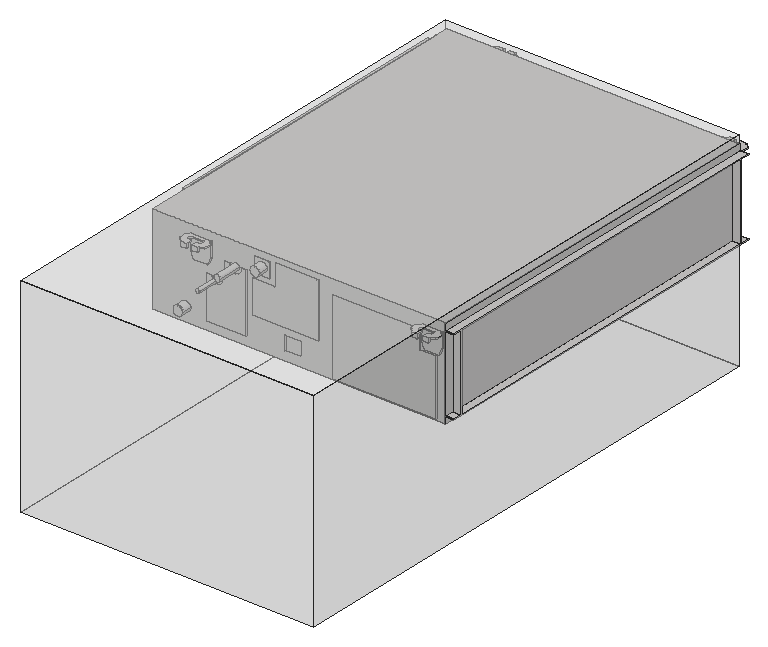
Revit family "outputfile", category 機械設備, Revit 2024
Family settings
  丸型コネクタ寸法 = 半径を使用
  パーツ タイプ = 標準
  OmniClass 番号 = 23.75.10.24.21.27.27
  OmniClass タイトル = Split System Air Conditioning Units
  作業面ベース = いいえ
  常に垂直 = はい
  ロード時にボイドで切り取り = いいえ
  注釈の向きを維持 = いいえ
  共有 = いいえ
  部屋計算ポイント = はい
Parameters (values of type "FBA60BVMA9")
  製造元 = "Daikin"
  書き出し IFC クラス(タイプ) = "IfcUnitaryEquipmentType"
  定義済み IFC タイプ(タイプ) = "AIRCONDITIONINGUNIT"
  モデル = "FBA60BVMA9"
  switch_frequency = yes
  r_Liquid Pipe Size = Liquid Pipe Size / 2  # 4.75 mm
  r_Gas Pipe Size = Gas Pipe Size / 2  # 7.95 mm
  r_Drain Pipe Size = Drain Pipe Size / 2  # 12.5 mm
  lw_power = 770.0 mm  # constant formula
  lh_SA = 138.0 mm  # constant formula
  lw_SA = if(Width = 550.0 mm, 225.0 mm, if(Width = 700.0 mm, 300.0 mm, if(Width = 1000.0 mm, 450.0 mm, if(Width = 1400.0 mm, 650.0 mm, 725.0 mm))))  # 450.0 mm
  lw_RA = if(Width = 550.0 mm, 275.0 mm, if(Width = 700.0 mm, 349.0 mm, if(Width = 1000.0 mm, 499.0 mm, if(Width = 1400.0 mm, 699.0 mm, 775.0 mm))))  # 499.0 mm
  lh_power = 60.0 mm + [h***]  # 60.0 mm
  lh_mountinghole1 = lh_mountinghole + [h***]  # 222.0 mm
  lh_RA = 123.0 mm  # constant formula
  ld_power = Width / 2  # 500.0 mm
  connector_voltage = Voltage_50Hz  # 230 V
  connector_powerinput = [Power Input (Cooling)]  # 1.640 kW
  connector_phase = Phase_50Hz  # 1
  Voltage_comment_60Hz = "220-230"
  Voltage_comment_50Hz = "220-240"
  Voltage_60Hz = 220 V
  Voltage_50Hz = 230 V
  Total Heating Capacity [instance] = 0.000 kW
  Supply Air Direction [instance] = yes
  Power Input (Heating) = 1.810 kW
  Phase_60Hz = 1
  Phase_50Hz = 1
  Nominal Heating Capacity = 7.100 kW
  Minimum External Static Pressure = 50.00 Pa
  Maximum External Static Pressure = 150.00 Pa
  Material_Casing = DAIKIN_GalvanizedSteel_Casing_indoorunit
  lw_mountinghole = 630.0 mm  # constant formula
  lh_gaspipe = 183.0 mm + [h***]  # 183.0 mm
  lh_mountinghole = 222.0 mm  # constant formula
  lh_liquidpipe = 136.0 mm + [h***]  # 136.0 mm
  lh_drainpipe = 207.0 mm + [h***]  # 207.0 mm
  lh_antena = Height - lh_mountinghole + 1.0 mm  # 24.0 mm
  ld_drainpipe = Width / 2 + 26.0 mm  # 526.0 mm
  ld_liquidpipe = Width / 2 + 69.0 mm  # 569.0 mm
  ld_gaspipe = Width / 2 + 65.0 mm  # 565.0 mm
  ld_mountinghole = Width + 38.0 mm  # 1038.0 mm
  h*** = 0.0 mm  # constant formula
  lw_liquidpipe = 179.0 mm  # constant formula
  lw_gaspipe = 229.0 mm  # constant formula
  lw_drainpipe = 300.0 mm  # constant formula
  Width = 1000.0 mm
  Version = "ver.1.0"
  Unit Type = "Duct"
  Unit Mass Weight = 37.00 kg
  Unit Designation [instance] = ""
  Uniclass2015Version = "Products v1.30"
  Uniclass2015Title = "Split coil room air conditioning units"
  Uniclass2015Code = "Pr_70_65_03_86"
  Total Cooling Capacity [instance] = 0.000 kW
  Sound Pressure Level_M speed (dBA) = 33
  Sound Pressure Level_L speed (dBA) = 31
  Sound Pressure Level_H speed (dBA) = 35
  Series = "SkyAir_Fan Coil Unit"
  Sensible Cooling Capacity [instance] = 0.000 kW
  SA Duct Size Width = 792.0 mm
  SA Duct Size Height = 176.0 mm
  Refrigerant Type = "R32"
  RA Duct Size Width = 952.0 mm
  RA Duct Size Height = 208.0 mm
  Power Input (Cooling) = 1.640 kW
  Option Accessory 3 [instance] = ""
  Option Accessory 2 [instance] = ""
  Option Accessory 1 [instance] = ""
  Nominal Cooling Capacity = 6.000 kW
  Minimum Airflow = 750.00 m³/h
  Median Airflow = 900.00 m³/h
  Maximum Airflow = 1080.00 m³/h
  Load Classification = HVAC
  Liquid Pipe Size = 9.5 mm
  Link_Nested Family [instance] = ""
  IfcVersion = ""
  IfcExportType = "AIRCONDITIONINGUNIT"
  IfcExportAs = "IfcUnitaryEquipmentType"
  Height = 245.0 mm
  Heating Entering Wet Bulb Temperature [instance] = -273.15 °C
  Heating Entering Dry Bulb Temperature [instance] = -273.15 °C
  Heating Ambient Wet Bulb Temperature [instance] = -273.15 °C
  Heating Ambient Dry Bulb Temperature [instance] = -273.15 °C
  Heat Exchanger Type = "Cross Fin Coil"
  Gas Pipe Size = 15.9 mm
  Frequency_60Hz = 60 Hz
  Frequency_50Hz = 50 Hz
  Fan Type = "Sirocco Fan"
  Fan Drive = "Direct Drive"
  FCU Tag No. [instance] = ""
  Drain Pipe Size = 25.0 mm
  Design Supply Airflow [instance] = 0.00 m³/h
  Design Return Airflow [instance] = 0.00 m³/h
  Design External Static Pressure [instance] = 0.00 Pa
  Depth = 800.0 mm
  既定の高さ = 0.0 mm
  Cooling Entering Wet Bulb Temperature [instance] = 0.00 °C
  Cooling Entering Dry Bulb Temperature [instance] = 0.00 °C
  Cooling Ambient Wet Bulb Temperature [instance] = 0.00 °C
  Cooling Ambient Dry Bulb Temperature [instance] = 0.00 °C
  Clearance visibility [instance] = yes
  Clearance Top = 20.0 mm
  Clearance Right = 0.0 mm
  Clearance Rear = 0.0 mm
  Clearance Left = 0.0 mm
  Clearance Front = 450.0 mm
  Clearance Bottom = 300.0 mm
Reference planes
  plane 1 "Center (Front/Back)": y = 0
  plane 2 "h": z = 0
  plane 3 "Center (Left/Right)": x = 0
  plane 4 "Back": y = 500
  plane 5 "Front": y = -500
  plane 6 "Left": x = -400
  plane 7 "Right": x = 400
  plane 8 "Top": z = 0
  plane 9 "Bottom": z = -245
  plane 10: y = -215
  plane 11: y = 500
  plane 12: y = -950
  plane 13: x = -400
  plane 14: x = 400
  plane 15: z = 20
  plane 16: z = -545
  plane 17: x = -400
  plane 18: x = -399
  plane 19: x = 399
  plane 20: y = 50
  plane 21: y = -1
  plane 22: z = -122
  plane 23: y = -501
  plane 24: z = -109
  plane 25: x = -221
  plane 26: y = -565
  plane 27: z = -62
  plane 28: x = -171
  plane 29: y = -526
  plane 30: z = -38
  plane 31: x = -100
  plane 32: x = -100
  plane 33: x = -221
  plane 34: x = -171
  plane 35: x = 370
  plane 36: x = -266
  plane 37: x = 364
  plane 38: y = -519
  plane 39: y = 519
  plane 40: z = -23
  plane 41: z = -107
  plane 42: y = -569
  plane 43: z = -207
  plane 44: x = -309
  plane 45: y = -376
  plane 46: x = -251
  plane 47: x = -203
  plane 48: x = -144
  plane 49: z = -59
  plane 50: z = -106
  plane 51: z = -221
  plane 52: z = -109
  plane 53: x = -221
  plane 54: z = -62
  plane 55: x = -171
  plane 56: z = -17
  plane 57: z = -59
  plane 58: x = -121
  plane 59: x = -79
  plane 60: x = -125
  plane 61: x = -64
  plane 62: x = 53
  plane 63: z = -164
  plane 64: z = -73
  plane 65: z = -16
  plane 66: x = 93.5
  plane 67: x = 374.5
  plane 68: x = 330
  plane 69: z = -88.5
  plane 70: z = -38
  plane 71: z = -242.5
  plane 72: x = -38.5
  plane 73: x = 6.5
  plane 74: z = -181
  plane 75: z = -221
  plane 76: y = -499
  plane 77: x = -424
  plane 78: x = 424
Forms (mm)
  Extrusion 1, solid, material "DAIKIN_GalvanizedSteel_Casing_indoorunit" <- "Material_Casing"
    sketch origin (0, 0, 0) x (1, 0, 0) y (0, 1, 0)
      loop
        line (-399, 500) -> (-399, -500) -> (399, -500) -> (399, 500) -> (-399, 500)
    from -245 to 0
  Extrusion 2, solid, material "DAIKIN_GalvanizedSteel_Casing_indoorunit" <- "Material_Casing"
    sketch origin (0, 0, 0) x (1, 0, 0) y (0, 0, 1)
      loop
        line (-251, -221) -> (-144, -221) -> (-144, -59) -> (-154.47, -59)
        arc (-154.47, -59) -> (-171, -78.8) -> (-187.53, -59) r 16.8
        line (-187.53, -59) -> (-203, -59) -> (-203, -106) -> (-206.916, -106)
        arc (-206.916, -106) -> (-221, -123.4) -> (-235.084, -106) r 14.4
        line (-235.084, -106) -> (-251, -106) -> (-251, -221)
    from 500 to 501
  Extrusion 3, solid, material "DAIKIN_GalvanizedSteel_Casing_indoorunit" <- "Material_Casing"
    sketch origin (0, 0, 0) x (1, 0, 0) y (0, 0, 1)
      loop
        line (-121, -17) -> (-121, -59) -> (-79, -59) -> (-79, -17) -> (-121, -17)
      loop
        line (-125, -73) -> (-125, -164) -> (53, -164) -> (53, -16) -> (-64, -16) -> (-64, -73) -> (-125, -73)
    from 500 to 501
  Extrusion 4, solid, material "DAIKIN_GalvanizedSteel_Casing_indoorunit" <- "Material_Casing"
    sketch origin (0, 0, 0) x (1, 0, 0) y (0, 0, 1)
      loop
        line (93.5, -38) -> (93.5, -242.5) -> (374.5, -242.5) -> (374.5, -88.5) -> (330, -88.5) -> (330, -38) -> (93.5, -38)
    from 500 to 501
  Extrusion 5, solid, material "DAIKIN_GalvanizedSteel_Casing_indoorunit" <- "Material_Casing"
    sketch origin (0, 0, 0) x (1, 0, 0) y (0, 0, 1)
      loop
        circle (-221, -109) r 4.75
    from 500 to 569
  Extrusion 6, solid, material "DAIKIN_GalvanizedSteel_Casing_indoorunit" <- "Material_Casing"
    sketch origin (0, 0, 0) x (1, 0, 0) y (0, 0, 1)
      loop
        circle (-171, -62) r 7.95
    from 500 to 565
  Extrusion 7, solid, material "DAIKIN_GalvanizedSteel_Casing_indoorunit" <- "Material_Casing"
    sketch origin (0, 0, 0) x (1, 0, 0) y (0, 0, 1)
      loop
        circle (-100, -38) r 12.5
    from 501 to 526
  Extrusion 8, solid, material "DAIKIN_GalvanizedSteel_Casing_indoorunit" <- "Material_Casing"
    sketch origin (0, 0, 0) x (1, 0, 0) y (0, 0, 1)
      loop
        circle (-309, -207) r 13
    from 500 to 526
  Extrusion 9, void
    sketch origin (0, 0, 0) x (1, 0, 0) y (0, 0, 1)
      loop
        line (-38.5, -181) -> (-38.5, -221) -> (6.5, -221) -> (6.5, -181) -> (-38.5, -181)
    from 499 to 500
Cuts and joins
  Extrusion 9 cuts Extrusion 1
Dimensions and locks
  "Height": plane 8 "Top" to plane 9 "Bottom"
  equal spacing: plane 4 "Back", plane 1 "Center (Front/Back)", plane 5 "Front"
  "Width": plane 4 "Back" to plane 5 "Front"
  equal spacing: plane 6 "Left", plane 3 "Center (Left/Right)", plane 7 "Right"
  "Depth": plane 6 "Left" to plane 7 "Right"
  "Clearance Left": plane 13 to plane 6 "Left"
  "Clearance Right": plane 7 "Right" to plane 14
  "Clearance Rear": plane 11 to plane 4 "Back"
  "Clearance Front": plane 5 "Front" to plane 12
  "Clearance Top": plane 15 to plane 8 "Top"
  "Clearance Bottom": plane 9 "Bottom" to plane 16
  locked: plane 17 to plane 18 at 1
  locked: plane 19 to plane 14 at 1
  "lw_SA": plane 11 to plane 20
  "lw_RA": plane 21 to plane 5 "Front"
  "lh_RA": plane 22 to plane 9 "Bottom"
  locked: plane 5 "Front" to plane 23 at 1
  "lw_liquidpipe": plane 25 to plane 6 "Left"
  "lh_liquidpipe": plane 24 to plane 9 "Bottom"
  "lh_gaspipe": plane 27 to plane 9 "Bottom"
  "lw_gaspipe": plane 28 to plane 6 "Left"
  "ld_gaspipe": plane 26 to plane 1 "Center (Front/Back)"
  "ld_drainpipe": plane 29 to plane 1 "Center (Front/Back)"
  "lh_drainpipe": plane 30 to plane 9 "Bottom"
  "lw_drainpipe": plane 31 to plane 6 "Left"
  "lw_drainpipe": plane 6 "Left" to plane 32
  "lw_liquidpipe": plane 6 "Left" to plane 33
  "lw_gaspipe": plane 6 "Left" to plane 34
  "lw_power": plane 6 "Left" to plane 35
  locked: plane 17 to plane 36 at 134
  "lw_mountinghole": plane 36 to plane 37
  equal spacing: plane 38, plane 1 "Center (Front/Back)", plane 39
  "ld_mountinghole": plane 39 to plane 38
  "lh_mountinghole": plane 40 to plane 9 "Bottom"
  "lh_SA": plane 41 to plane 9 "Bottom"
  locked: plane 44 to plane 6 "Left" at 91
  locked: plane 43 to plane 9 "Bottom" at 38
  plane 48 to plane 47 to plane 46 to plane 6 "Left" = 59.0 mm, 48.0 mm, 149.0 mm
  plane 8 "Top" to plane 49 to plane 50 to plane 51 = 59.0 mm locked, 47.0 mm locked, 115.0 mm locked
  plane 55 to plane 53 to plane 6 "Left" = 50.0 mm locked, 179.0 mm locked
  plane 54 to plane 52 to plane 9 "Bottom" = 47.0 mm locked, 136.0 mm locked
  plane 59 to plane 58 to plane 6 "Left" = 42.0 mm locked, 279.0 mm locked
  plane 8 "Top" to plane 56 to plane 57 = 17.0 mm locked, 42.0 mm locked
  plane 62 to plane 61 to plane 60 to plane 6 "Left" = 117.0 mm, 61.0 mm, 275.0 mm
  plane 8 "Top" to plane 65 to plane 64 = 16.0 mm locked, 57.0 mm locked
  locked: plane 65 to plane 63 at 148
  plane 8 "Top" to plane 70 to plane 69 to plane 71 = 38.0 mm locked, 50.5 mm locked, 154.0 mm locked
  plane 67 to plane 68 to plane 66 to plane 6 "Left" = 44.5 mm locked, 236.5 mm locked, 493.5 mm locked
  plane 8 "Top" to plane 74 to plane 75 = 181.0 mm locked, 40.0 mm locked
  plane 73 to plane 72 to plane 6 "Left" = 45.0 mm, 361.5 mm
  locked: plane 76 to plane 5 "Front" at 1
  locked: plane 77 to plane 17 at 24
  locked: plane 14 to plane 78 at 24
  "ld_liquidpipe": plane 42 to plane 1 "Center (Front/Back)"
  "r_Liquid Pipe Size": radius of Extrusion 5 sketch curve
  "r_Gas Pipe Size": radius of Extrusion 6 sketch curve
  "r_Drain Pipe Size": radius of Extrusion 7 sketch curve
  aligned and locked: level to plane 2 "h"
  aligned and locked: plane 8 "Top" to Extrusion 1
  aligned and locked: Extrusion 1 to plane 9 "Bottom"
  aligned and locked: nested 5 to plane 12
  aligned and locked: plane 13 to nested 5
  aligned and locked: plane 14 to nested 5
  aligned and locked: nested 5 to plane 13
  aligned and locked: plane 11 to nested 5
  aligned and locked: plane 15 to nested 5
  aligned and locked: plane 16 to nested 5
  aligned and locked: plane 5 "Front" to Extrusion 1 sketch curve
  aligned and locked: Extrusion 1 to plane 18
  aligned and locked: plane 19 to Extrusion 1
  aligned and locked: nested 7 to plane 18
  aligned and locked: nested 7 to plane 20
  aligned and locked: plane 19 to nested 8
  aligned and locked: plane 21 to nested 8
  aligned and locked: plane 22 to nested 8
  aligned and locked: Extrusion 2 to plane 23
  aligned and locked: plane 5 "Front" to Extrusion 2
  aligned and locked: Extrusion 3 to plane 23
  aligned and locked: plane 5 "Front" to Extrusion 3
  aligned and locked: plane 5 "Front" to Extrusion 4
  aligned and locked: Extrusion 5 sketch curve to plane 25
  aligned and locked: plane 24 to Extrusion 5 sketch curve
  aligned and locked: plane 5 "Front" to Extrusion 5
  aligned and locked: Extrusion 6 sketch curve to plane 28
  aligned and locked: plane 27 to Extrusion 6 sketch curve
  aligned and locked: plane 5 "Front" to Extrusion 6
  aligned and locked: Extrusion 7 sketch curve to plane 31
  aligned and locked: Extrusion 7 sketch curve to plane 30
  aligned and locked: Extrusion 7 to plane 29
  aligned and locked: plane 23 to Extrusion 7
  aligned and locked: nested 3 to plane 29
  aligned and locked: plane 32 to nested 3
  aligned and locked: nested 2 to plane 33
  aligned and locked: nested 1 to plane 34
  aligned and locked: Extrusion 6 to plane 26
  aligned and locked: nested 1 to plane 26
  aligned and locked: nested 6 to plane 5 "Front"
  aligned and locked: nested 6 to plane 35
  aligned and locked: plane 36 to nested 10
  aligned and locked: nested 10 to plane 5 "Front"
  aligned and locked: plane 37 to nested 9
  aligned and locked: nested 9 to plane 5 "Front"
  aligned and locked: nested 11 to plane 36
  aligned and locked: plane 4 "Back" to nested 11
  aligned and locked: nested 12 to plane 37
  aligned and locked: plane 4 "Back" to nested 12
  aligned and locked: plane 40 to nested 10
  aligned and locked: plane 40 to nested 11
  aligned and locked: plane 40 to nested 9
  aligned and locked: plane 40 to nested 12
  aligned and locked: plane 36 to nested 14
  aligned and locked: nested 14 to plane 39
  aligned and locked: plane 37 to nested 13
  aligned and locked: nested 13 to plane 39
  aligned and locked: plane 37 to nested 16
  aligned and locked: plane 38 to nested 16
  aligned and locked: plane 38 to nested 15
  aligned and locked: plane 36 to nested 15
  aligned and locked: plane 17 to plane 6 "Left"
  aligned and locked: plane 41 to nested 7
  aligned and locked: Extrusion 5 to plane 42
  aligned and locked: nested 2 to plane 42
  aligned and locked: Extrusion 8 sketch curve to plane 44
  aligned and locked: plane 43 to Extrusion 8 sketch curve
  aligned and locked: plane 5 "Front" to Extrusion 8
  aligned and locked: Extrusion 3 sketch curve to plane 56
  aligned and locked: Extrusion 3 sketch curve to plane 58
  aligned and locked: plane 57 to Extrusion 3 sketch curve
  aligned and locked: plane 59 to Extrusion 3 sketch curve
  aligned and locked: Extrusion 4 to plane 23
  aligned and locked: Extrusion 9 sketch curve to plane 74
  aligned and locked: plane 75 to Extrusion 9 sketch curve
  aligned and locked: plane 73 to Extrusion 9 sketch curve
  aligned and locked: plane 5 "Front" to Extrusion 9
  aligned and locked: plane 76 to Extrusion 9
  aligned and locked: nested 17 to plane 20
  aligned and locked: nested 17 to plane 77
  aligned and locked: plane 21 to nested 18
  aligned and locked: plane 78 to nested 18
  aligned and locked: plane 41 to nested 17
  aligned and locked: nested 18 to plane 22
  aligned and locked: nested 4 to plane 3 "Center (Left/Right)"
  aligned and locked: plane 1 "Center (Front/Back)" to nested 4
  aligned and locked: level to plane 8 "Top"
  aligned and locked: Extrusion 8 to plane 29
Automatic sketch dimensions
  plane 6 "Left" to Extrusion 1 sketch curve = 1.0 mm
  Extrusion 1 sketch curve to plane 7 "Right" = 1.0 mm
  Extrusion 1 sketch curve to plane 4 "Back" = 0.0 mm
  Extrusion 2 sketch curve to plane 46 = 0.0 mm
  Extrusion 2 sketch curve to plane 33 = 0.0 mm
  Extrusion 2 sketch curve to plane 47 = 0.0 mm
  Extrusion 2 sketch curve to plane 34 = 0.0 mm
  Extrusion 2 sketch curve to plane 48 = 0.0 mm
  Extrusion 2 sketch curve to plane 51 = 0.0 mm
  Extrusion 2 sketch curve to plane 52 = 0.0 mm
  Extrusion 2 sketch curve to plane 50 = 0.0 mm  (x3)
  Extrusion 2 sketch curve to plane 54 = 0.0 mm
  Extrusion 2 sketch curve to plane 49 = 0.0 mm  (x3)
  plane 33 to Extrusion 2 sketch curve = 14.084 mm
  plane 34 to Extrusion 2 sketch curve = 16.53 mm
  Extrusion 3 sketch curve to plane 60 = 0.0 mm
  Extrusion 3 sketch curve to plane 61 = 0.0 mm
  Extrusion 3 sketch curve to plane 62 = 0.0 mm
  Extrusion 3 sketch curve to plane 63 = 0.0 mm
  Extrusion 3 sketch curve to plane 64 = 0.0 mm
  Extrusion 3 sketch curve to plane 65 = 0.0 mm
  Extrusion 4 sketch curve to plane 66 = 0.0 mm
  Extrusion 4 sketch curve to plane 68 = 0.0 mm
  Extrusion 4 sketch curve to plane 67 = 0.0 mm
  Extrusion 4 sketch curve to plane 71 = 0.0 mm
  Extrusion 4 sketch curve to plane 69 = 0.0 mm
  Extrusion 4 sketch curve to plane 70 = 0.0 mm
  Extrusion 9 sketch curve to plane 72 = 0.0 mm
  radius of Extrusion 8 sketch curve = 13.0 mm
Nested families
  nested 1: "daikin_connector_rotate2" at (-171, 0, -62), length <- "ld_gaspipe", built-in parameter 1001364 <- "lh_gaspipe", radius <- "r_Gas Pipe Size", type "daikin_connector_rotate2"
    with radius 7.95 mm, length 565.0 mm, angle_vertical 90.00°
  nested 2: "daikin_connector_rotate2" at (-221, 0, -109), length <- "ld_liquidpipe", built-in parameter 1001364 <- "lh_liquidpipe", radius <- "r_Liquid Pipe Size", type "daikin_connector_rotate2"
    with radius 4.75 mm, length 569.0 mm, angle_vertical 90.00°
  nested 3: "daikin_connector_rotate2" at (-100, 0, -38), length <- "ld_drainpipe", built-in parameter 1001364 <- "lh_drainpipe", radius <- "r_Drain Pipe Size", type "daikin_connector_rotate2"
    with radius 12.5 mm, length 526.0 mm, angle_vertical 90.00°
  nested 4: "daikin_△_symbolicline" at (0, 0, 245) x (0, -1, 0) z (0, 0, 1), built-in parameter 1001364 <- "Height", visible <- "Supply Air Direction", type "daikin_△_symbolicline"
    with length 200.0 mm
  nested 5: "daikin_clearancespace" at (0, -225, -262.381), visible <- "Clearance visibility", show <- "Clearance visibility", Link_Nested Family <- "Link_Nested Family", type "daikin_clearancespace"
    with width 800.0 mm, show yes, height 565.0 mm, depth 1450.0 mm, Link_Nested Family ""
  nested 6: "daikin_connector_rotate2" at (370, 0, -185), built-in parameter 1001364 <- "lh_power", length <- "ld_power", type "daikin_connector_rotate2"
    with radius 10.0 mm, length 500.0 mm, angle_vertical 90.00°
  nested 7: "daikin_ductflange_FBA-BVMA9_2" at (-399, 50, -107) x (0, -1, 0) z (0, 0, 1), type "daikin_ductflange_FBA-BVMA9_2"
    with width 792.0 mm, w 1000.0 mm
  nested 8: "daikin_ductflange_FBA-BVMA9" at (399, -1, -122) x (0, 1, 0) z (0, 0, 1), type "daikin_ductflange_FBA-BVMA9"
    with width 952.0 mm, lw 25.0 mm, w 1000.0 mm
  nested 9: "daikin_hangerfixture_FBA-BVMA9" at (364, -500, -23), type "daikin_hangerfixture_FBA-BVMA9"
  nested 10: "daikin_hangerfixture_FBA-BVMA9" at (-266, -500, -23), type "daikin_hangerfixture_FBA-BVMA9"
  nested 11: "daikin_hangerfixture_FBA-BVMA9" at (-266, 500, -23) x (-1, 0, 0) z (0, 0, 1), type "daikin_hangerfixture_FBA-BVMA9"
  nested 12: "daikin_hangerfixture_FBA-BVMA9" at (364, 500, -23) x (-1, 0, 0) z (0, 0, 1), type "daikin_hangerfixture_FBA-BVMA9"
  nested 13: "daikin_mountinghole" at (364, 519, -245), h_mountinghole <- "lh_mountinghole1", l_antenna <- "lh_antena", Link_Nested Family <- "Link_Nested Family", type "daikin_mountinghole"
    with show yes, l_antenna 24.0 mm, h_mountinghole 222.0 mm, Link_Nested Family ""
  nested 14: "daikin_mountinghole" at (-266, 519, -245), h_mountinghole <- "lh_mountinghole1", l_antenna <- "lh_antena", Link_Nested Family <- "Link_Nested Family", type "daikin_mountinghole"
    with show yes, l_antenna 24.0 mm, h_mountinghole 222.0 mm, Link_Nested Family ""
  nested 15: "daikin_mountinghole" at (-266, -519, -245), h_mountinghole <- "lh_mountinghole1", l_antenna <- "lh_antena", Link_Nested Family <- "Link_Nested Family", type "daikin_mountinghole"
    with show yes, l_antenna 24.0 mm, h_mountinghole 222.0 mm, Link_Nested Family ""
  nested 16: "daikin_mountinghole" at (364, -519, -245), h_mountinghole <- "lh_mountinghole1", l_antenna <- "lh_antena", Link_Nested Family <- "Link_Nested Family", type "daikin_mountinghole"
    with show yes, l_antenna 24.0 mm, h_mountinghole 222.0 mm, Link_Nested Family ""
  nested 17: "daikin_connector_rotate2" at (-400, 50, -107) x (0, -1, 0) z (0, 0, 1), type "daikin_connector_rotate2"
    with radius 10.0 mm, length 24.0 mm, angle_vertical 90.00°
  nested 18: "daikin_connector_rotate2" at (400, -1, -122) x (0, 1, 0) z (0, 0, 1), type "daikin_connector_rotate2"
    with radius 10.0 mm, length 24.0 mm, angle_vertical 90.00°
Connectors
  piping at (-100, -526, -38), diameter 25, driven by "r_Drain Pipe Size"
    settings: on nested 3, index 3, connector inside diameter 609.6 mm, connector length 0.0 mm, flow factor 0, pipe flow 0.00 m³/h, pressure drop 0.0 Pa, fitting loss kfactor 0, connector angle 0.00°, fixture units 0, engagement length 0.0 mm, angle of deflection 0.00°, flow configuration 1, flow direction 2, fitting loss method 4, system type 16, joint type 0, gender type 0, connector reference index -1, connector utility 0, adjustable connector no, is connector primary yes, connector description "Condensate Drain Piping"
  piping at (-171, -565, -62), diameter 15.9, driven by "r_Gas Pipe Size"
    settings: on nested 1, index 4, connector inside diameter 609.6 mm, connector length 0.0 mm, flow factor 0, pipe flow 0.00 m³/h, pressure drop 0.0 Pa, fitting loss kfactor 0, connector angle 0.00°, fixture units 0, engagement length 0.0 mm, angle of deflection 0.00°, flow configuration 1, flow direction 2, fitting loss method 0, system type 29, joint type 0, gender type 0, connector reference index -1, connector utility 0, adjustable connector no, is connector primary no, connector description "Refrigerant Gas Piping"
  piping at (-221, -569, -109), diameter 9.5, driven by "r_Liquid Pipe Size"
    settings: on nested 2, index 5, connector inside diameter 609.6 mm, connector length 0.0 mm, flow factor 0, pipe flow 0.00 m³/h, pressure drop 0.0 Pa, fitting loss kfactor 0, connector angle 0.00°, fixture units 0, engagement length 0.0 mm, angle of deflection 0.00°, flow configuration 1, flow direction 1, fitting loss method 0, system type 29, joint type 0, gender type 0, connector reference index -1, connector utility 0, adjustable connector no, is connector primary no, connector description "Refrigerant Liquid Piping"
  electrical at (370, -500, -185), driven by "Load Classification", driven by "connector_voltage", driven by "connector_phase", driven by "connector_powerinput"
    settings: on nested 6, index 6, voltage 230 V, apparent load 1640 VA, apparent load phase1 0 VA, apparent load phase2 0 VA, apparent load phase3 0 VA, power factor 1, load classification "HVAC", number of poles 1, system type 30, power factor state 1, is connector primary yes, connector utility no, sub classification motor no, connector description "Power Supply"
  hvac at (-424, 50, -107), driven by "SA Duct Size Height", driven by "SA Duct Size Width"
    settings: on nested 17, index 7, duct flow 0.00 m³/h, flow factor 0, pres drop 0.00 Pa, loss coef 0, conn angle 0.00°, conn width 792.0 mm, conn height 176.0 mm, conn diameter 609.6 mm, duct sys type 1, conn prof type 1, flow config 0, flow direction 2, loss method 4, conn ref index -1, conn util no, is conn primary yes, conn desc "SA Duct"
  hvac at (424, -1, -122), driven by "RA Duct Size Height", driven by "RA Duct Size Width"
    settings: on nested 18, index 8, duct flow 0.00 m³/h, flow factor 0, pres drop 0.00 Pa, loss coef 0, conn angle 0.00°, conn width 952.0 mm, conn height 208.0 mm, conn diameter 609.6 mm, duct sys type 2, conn prof type 1, flow config 0, flow direction 1, loss method 4, conn ref index -1, conn util no, is conn primary no, conn desc "RA Duct"
Definition of nested family "daikin_clearancespace"
  Parameters (values of type "daikin_clearancespace")
    Description = "daikin_clearancespace"
    width [instance] = 1823.963 mm
    show [instance] = yes
    material = none
    height [instance] = 1359.762 mm
    depth [instance] = 880.0 mm
    Default Elevation = 0.0 mm
    Link_Nested Family [instance] = ""
  Reference planes
    plane 1 "Center (Front/Back)": y = 0
    plane 2 "Center (Elevation)": z = -0.119
    plane 3 "Center (Left/Right)": x = 0
    plane 4: y = 440
    plane 5: y = -440
    plane 6 "Right": x = 911.982
    plane 7 "Left": x = -911.982
    plane 8 "Top": z = 679.762
    plane 9 "Bottom": z = -680
  Forms (mm)
    Extrusion 1, solid, material <- "material", visible <- "show"
      sketch origin (0, 0, 0) x (1, 0, 0) y (0, 1, 0)
        loop
          line (-911.982, 440) -> (-911.982, -440) -> (911.982, -440) -> (911.982, 440) -> (-911.982, 440)
      from -680 to 679.762
  Lines and regions (mm)
    symbolic lines, visible <- "show"
      curve 1: line (911.982, 440, 0) -> (-911.982, 440, 0)
      curve 2: line (-911.982, 440, 0) -> (-911.982, -440, 0)
      curve 3: line (-911.982, -440, 0) -> (911.982, -440, 0)
      curve 4: line (911.982, -440, 0) -> (911.982, 440, 0)
      curve 5: line (911.982, 0, 679.762) -> (-911.982, 0, 679.762)
      curve 6: line (911.982, 0, -680) -> (911.982, 0, 679.762)
      curve 7: line (-911.982, 0, -680) -> (911.982, 0, -680)
      curve 8: line (-911.982, 0, 679.762) -> (-911.982, 0, -680)
      curve 9: line (0, 440, 679.762) -> (0, -440, 679.762)
      curve 10: line (0, -440, 679.762) -> (0, -440, -680)
      curve 11: line (0, 440, -680) -> (0, 440, 679.762)
      curve 12: line (0, -440, -680) -> (0, 440, -680)
  Dimensions and locks
    "width": plane 7 "Left" to plane 6 "Right"
    "depth": plane 4 to plane 5
    "height": plane 8 "Top" to plane 9 "Bottom"
    equal spacing: plane 7 "Left", plane 3 "Center (Left/Right)", plane 6 "Right"
    equal spacing: plane 4, plane 1 "Center (Front/Back)", plane 5
    equal spacing: plane 8 "Top", plane 2 "Center (Elevation)", plane 9 "Bottom"
    aligned and locked: level to plane 2 "Center (Elevation)"
    aligned and locked: Extrusion 1 sketch curve to plane 4
    aligned and locked: plane 7 "Left" to Extrusion 1 sketch curve
    aligned and locked: Extrusion 1 sketch curve to plane 5
    aligned and locked: Extrusion 1 sketch curve to plane 6 "Right"
    aligned and locked: plane 8 "Top" to Extrusion 1
    aligned and locked: curve 1 to Extrusion 1
    aligned and locked: curve 2 to Extrusion 1
    aligned and locked: curve 3 to Extrusion 1
    aligned and locked: curve 4 to Extrusion 1
    aligned and locked: curve 5 to Extrusion 1
    aligned and locked: curve 6 to Extrusion 1
    aligned and locked: curve 7 to Extrusion 1
    aligned and locked: curve 8 to Extrusion 1
    aligned and locked: curve 9 to Extrusion 1
    aligned and locked: curve 10 to Extrusion 1
    aligned and locked: curve 11 to Extrusion 1
    aligned and locked: curve 12 to Extrusion 1
    aligned and locked: Extrusion 1 to plane 9 "Bottom"
Definition of nested family "daikin_ductflange_FBA-BVMA9_2"
  Parameters (values of type "daikin_ductflange_FBFC-DVMG2")
    width = if(w = 550.0 mm, 337.0 mm, if(w = 700.0 mm, 492.0 mm, if(w = 1000.0 mm, 792.0 mm, if(w = 1400.0 mm, 1192.0 mm, 1337.0 mm))))  # 1192.0 mm
    material = none
    height = 215.0 mm
    depth = 1.0 mm
    w = 1400.0 mm
    Default Elevation = 0.0 mm
  Reference planes
    plane 1 "Center (Front/Back)": y = 0
    plane 2: z = 0
    plane 3 "Center (Left/Right)": x = 0
    plane 4: z = 88
    plane 5: z = -88
    plane 6: y = -25
    plane 7: z = 106
    plane 8: z = 89
    plane 9: y = -1
    plane 10: x = -617.5
    plane 11: x = 617.5
    plane 12: z = -106
    plane 13: z = -89
    plane 14: y = -1
    plane 15: x = 596
    plane 16: x = -596
    plane 17: x = 597
    plane 18: z = 87
    plane 19: z = -87
    plane 20: x = -597
    plane 21: z = 87
    plane 22: z = -87
    plane 23: y = -1
  Forms (mm)
    Extrusion 1, solid, material <- "material"
      sketch origin (0, 0, 0) x (0, 1, 0) y (0, 0, 1)
        loop
          line (-25, 88) -> (0, 88) -> (0, 106) -> (-1, 106) -> (-1, 89) -> (-25, 89) -> (-25, 88)
      from -617.5 to 617.5
    Extrusion 2, solid, material <- "material"
      sketch origin (0, 0, 0) x (0, 1, 0) y (0, 0, 1)
        loop
          line (-25, -88) -> (-25, -89) -> (-1, -89) -> (-1, -106) -> (0, -106) -> (0, -88) -> (-25, -88)
      from -617.5 to 617.5
    Extrusion 3, solid, material <- "material"
      sketch origin (0, 0, 0) x (1, 0, 0) y (0, 0, 1)
        loop
          line (596, 88) -> (596, -88) -> (617.5, -88) -> (617.5, -87) -> (597, -87) -> (597, 87) -> (617.5, 87) -> (617.5, 88) -> (596, 88)
      from 0 to 25
    Extrusion 4, solid, material <- "material"
      sketch origin (0, 0, 0) x (1, 0, 0) y (0, 0, 1)
        loop
          line (-617.5, 88) -> (-617.5, 87) -> (-597, 87) -> (-597, -87) -> (-617.5, -87) -> (-617.5, -88) -> (-596, -88) -> (-596, 88) -> (-617.5, 88)
      from 0 to 25
    Extrusion 5, solid, material <- "material"
      sketch origin (0, 0, 0) x (1, 0, 0) y (0, 0, 1)
        loop
          line (-617.5, 88) -> (-617.5, -88) -> (-596, -88) -> (-596, 88) -> (-617.5, 88)
        loop
          line (617.5, 88) -> (596, 88) -> (596, -88) -> (617.5, -88) -> (617.5, 88)
      from 0 to 1
  Cuts and joins
    joined: Extrusion 1, Extrusion 2, Extrusion 3, Extrusion 4, Extrusion 5
  Dimensions and locks
    plane 4 to level to plane 5 = 88.0 mm, 88.0 mm
    locked: plane 6 to plane 1 "Center (Front/Back)" at 25
    locked: plane 9 to plane 1 "Center (Front/Back)" at 1
    locked: plane 8 to plane 4 at 1
    locked: plane 16 to plane 10 at 21.5
    locked: plane 17 to plane 15 at 1
    locked: plane 4 to plane 18 at 1
    locked: plane 19 to plane 5 at 1
    "width": plane 15 to plane 16
    plane 4 to plane 5 = 176.0 mm
    locked: plane 16 to plane 20 at 1
    locked: plane 4 to plane 21 at 1
    locked: plane 22 to plane 5 at 1
    locked: plane 23 to plane 1 "Center (Front/Back)" at 1
    plane 4 to level to plane 5 = 88.0 mm locked, 88.0 mm locked
    locked: plane 5 to plane 13 at 1
    locked: plane 5 to plane 12 at 18
    locked: plane 7 to plane 4 at 18
    equal spacing: plane 15, plane 3 "Center (Left/Right)", plane 16
    locked: plane 11 to plane 15 at 21.5
    plane 11 to plane 10 = 1235.0 mm
    aligned and locked: level to plane 2
    aligned and locked: Extrusion 1 to plane 10
    aligned and locked: plane 11 to Extrusion 1
    aligned and locked: plane 5 to Extrusion 2
    aligned and locked: Extrusion 2 to plane 1 "Center (Front/Back)"
    aligned and locked: plane 15 to Extrusion 3 sketch curve
    aligned and locked: Extrusion 3 sketch curve to Extrusion 2  (x2)
    aligned and locked: Extrusion 3 sketch curve to plane 11
    aligned and locked: plane 6 to Extrusion 3
    aligned and locked: Extrusion 2 to plane 10
    aligned and locked: plane 11 to Extrusion 2
    aligned and locked: Extrusion 4 sketch curve to Extrusion 1  (x2)
    aligned and locked: plane 5 to Extrusion 4 sketch curve
    aligned and locked: Extrusion 4 sketch curve to plane 16
    aligned and locked: Extrusion 4 sketch curve to plane 22
    aligned and locked: plane 20 to Extrusion 4 sketch curve
    aligned and locked: plane 21 to Extrusion 4 sketch curve
    aligned and locked: Extrusion 4 to plane 1 "Center (Front/Back)"
    aligned and locked: plane 6 to Extrusion 4
    aligned and locked: Extrusion 5 sketch curve to Extrusion 1  (x4)
    aligned and locked: Extrusion 5 sketch curve to Extrusion 4  (x2)
    aligned and locked: Extrusion 5 sketch curve to Extrusion 3  (x2)
    aligned and locked: Extrusion 5 to plane 1 "Center (Front/Back)"
    aligned and locked: plane 23 to Extrusion 5
  Automatic sketch dimensions
    Extrusion 1 sketch curve to plane 6 = 0.0 mm
    Extrusion 1 sketch curve to plane 7 = 0.0 mm
    Extrusion 1 sketch curve to plane 9 = 0.0 mm
    Extrusion 1 sketch curve to plane 1 "Center (Front/Back)" = 0.0 mm
    Extrusion 1 sketch curve to plane 4 = 0.0 mm
    Extrusion 1 sketch curve to plane 8 = 0.0 mm
    Extrusion 2 sketch curve to plane 6 = 0.0 mm
    plane 12 to Extrusion 2 sketch curve = 0.0 mm
    Extrusion 2 sketch curve to plane 14 = 0.0 mm
    Extrusion 2 sketch curve to plane 1 "Center (Front/Back)" = 0.0 mm
    plane 13 to Extrusion 2 sketch curve = 0.0 mm
    Extrusion 2 sketch curve to plane 5 = 0.0 mm
    Extrusion 3 sketch curve to plane 17 = 0.0 mm
    Extrusion 3 sketch curve to plane 19 = 0.0 mm
    Extrusion 3 sketch curve to plane 18 = 0.0 mm
    Extrusion 3 sketch curve to plane 4 = 0.0 mm
    Extrusion 4 sketch curve to plane 10 = 0.0 mm
Definition of nested family "daikin_ductflange_FBA-BVMA9"
  Parameters (values of type "daikin_ductflange_FBFC-DVMG")
    width = if(w = 550.0 mm, 502.0 mm, if(w = 700.0 mm, 654.0 mm, if(w = 1000.0 mm, 952.0 mm, if(w = 1400.0 mm, 1352.0 mm, 1502.0 mm))))  # 654.0 mm
    material = none
    lw = if(width = 654.0 mm, 23.0 mm, 25.0 mm)  # 23.0 mm
    height = 208.0 mm
    depth = 1.0 mm
    w = 700.0 mm
    Default Elevation = 0.0 mm
  Reference planes
    plane 1 "Center (Front/Back)": y = 0
    plane 2: z = 0
    plane 3 "Center (Left/Right)": x = 0
    plane 4: z = 104
    plane 5: z = -104
    plane 6: y = -25
    plane 7: z = 121
    plane 8: z = 105
    plane 9: y = -1
    plane 10: x = -350
    plane 11: x = 350
    plane 12: z = -122
    plane 13: z = -105
    plane 14: y = -1
    plane 15: x = 327
    plane 16: x = -327
    plane 17: x = 328
    plane 18: z = 103
    plane 19: z = -103
    plane 20: x = -328
    plane 21: z = 103
    plane 22: z = -103
    plane 23: y = -1
  Forms (mm)
    Extrusion 1, solid, material <- "material"
      sketch origin (0, 0, 0) x (0, 1, 0) y (0, 0, 1)
        loop
          line (-25, 104) -> (0, 104) -> (0, 121) -> (-1, 121) -> (-1, 105) -> (-25, 105) -> (-25, 104)
      from -350 to 350
    Extrusion 2, solid, material <- "material"
      sketch origin (0, 0, 0) x (0, 1, 0) y (0, 0, 1)
        loop
          line (-25, -104) -> (-25, -105) -> (-1, -105) -> (-1, -122) -> (0, -122) -> (0, -104) -> (-25, -104)
      from -350 to 350
    Extrusion 3, solid, material <- "material"
      sketch origin (0, 0, 0) x (1, 0, 0) y (0, 0, 1)
        loop
          line (327, 104) -> (327, -104) -> (350, -104) -> (350, -103) -> (328, -103) -> (328, 103) -> (350, 103) -> (350, 104) -> (327, 104)
      from 0 to 25
    Extrusion 4, solid, material <- "material"
      sketch origin (0, 0, 0) x (1, 0, 0) y (0, 0, 1)
        loop
          line (-350, 104) -> (-350, 103) -> (-328, 103) -> (-328, -103) -> (-350, -103) -> (-350, -104) -> (-327, -104) -> (-327, 104) -> (-350, 104)
      from 0 to 25
    Extrusion 5, solid, material <- "material"
      sketch origin (0, 0, 0) x (1, 0, 0) y (0, 0, 1)
        loop
          line (-350, 104) -> (-350, -104) -> (-327, -104) -> (-327, 104) -> (-350, 104)
        loop
          line (350, 104) -> (327, 104) -> (327, -104) -> (350, -104) -> (350, 104)
      from 0 to 1
  Cuts and joins
    joined: Extrusion 1, Extrusion 2, Extrusion 3, Extrusion 4, Extrusion 5
  Dimensions and locks
    plane 4 to level to plane 5 = 104.0 mm, 104.0 mm
    locked: plane 6 to plane 1 "Center (Front/Back)" at 25
    locked: plane 9 to plane 1 "Center (Front/Back)" at 1
    locked: plane 8 to plane 4 at 1
    "lw": plane 11 to plane 15
    "lw": plane 16 to plane 10
    locked: plane 17 to plane 15 at 1
    locked: plane 4 to plane 18 at 1
    locked: plane 19 to plane 5 at 1
    "width": plane 15 to plane 16
    equal spacing: plane 15, plane 3 "Center (Left/Right)", plane 16
    locked: plane 16 to plane 20 at 1
    locked: plane 4 to plane 21 at 1
    locked: plane 22 to plane 5 at 1
    locked: plane 23 to plane 1 "Center (Front/Back)" at 1
    locked: plane 7 to plane 4 at 17
    locked: plane 1 "Center (Front/Back)" to plane 14 at 1
    locked: plane 5 to plane 13 at 1
    "height": plane 4 to plane 5
    plane 11 to plane 10 = 700.0 mm
    locked: plane 12 to plane 13 at 17
    equal spacing: plane 4, level, plane 5
    aligned and locked: level to plane 2
    aligned and locked: Extrusion 1 to plane 10
    aligned and locked: plane 11 to Extrusion 1
    aligned and locked: plane 5 to Extrusion 2
    aligned and locked: Extrusion 2 to plane 1 "Center (Front/Back)"
    aligned and locked: plane 15 to Extrusion 3 sketch curve
    aligned and locked: Extrusion 3 sketch curve to Extrusion 2  (x2)
    aligned and locked: Extrusion 3 sketch curve to plane 11
    aligned and locked: plane 6 to Extrusion 3
    aligned and locked: Extrusion 2 to plane 10
    aligned and locked: plane 11 to Extrusion 2
    aligned and locked: Extrusion 4 sketch curve to Extrusion 1  (x2)
    aligned and locked: plane 5 to Extrusion 4 sketch curve
    aligned and locked: Extrusion 4 sketch curve to plane 16
    aligned and locked: Extrusion 4 sketch curve to plane 22
    aligned and locked: plane 20 to Extrusion 4 sketch curve
    aligned and locked: plane 21 to Extrusion 4 sketch curve
    aligned and locked: Extrusion 4 to plane 1 "Center (Front/Back)"
    aligned and locked: plane 6 to Extrusion 4
    aligned and locked: Extrusion 5 sketch curve to Extrusion 1  (x4)
    aligned and locked: Extrusion 5 sketch curve to Extrusion 4  (x2)
    aligned and locked: Extrusion 5 sketch curve to Extrusion 3  (x2)
    aligned and locked: Extrusion 5 to plane 1 "Center (Front/Back)"
    aligned and locked: plane 23 to Extrusion 5
  Automatic sketch dimensions
    Extrusion 1 sketch curve to plane 6 = 0.0 mm
    Extrusion 1 sketch curve to plane 7 = 0.0 mm
    Extrusion 1 sketch curve to plane 9 = 0.0 mm
    Extrusion 1 sketch curve to plane 1 "Center (Front/Back)" = 0.0 mm
    Extrusion 1 sketch curve to plane 4 = 0.0 mm
    Extrusion 1 sketch curve to plane 8 = 0.0 mm
    Extrusion 2 sketch curve to plane 6 = 0.0 mm
    plane 12 to Extrusion 2 sketch curve = 0.0 mm
    Extrusion 2 sketch curve to plane 14 = 0.0 mm
    Extrusion 2 sketch curve to plane 1 "Center (Front/Back)" = 0.0 mm
    plane 13 to Extrusion 2 sketch curve = 0.0 mm
    Extrusion 2 sketch curve to plane 5 = 0.0 mm
    Extrusion 3 sketch curve to plane 17 = 0.0 mm
    Extrusion 3 sketch curve to plane 19 = 0.0 mm
    Extrusion 3 sketch curve to plane 18 = 0.0 mm
    Extrusion 3 sketch curve to plane 4 = 0.0 mm
    Extrusion 4 sketch curve to plane 10 = 0.0 mm
Definition of nested family "daikin_hangerfixture_FBA-BVMA9"
  Parameters (values of type "daikin_hangerfixture_FXMQ-PAVE")
    width = 72.0 mm
    material = none
    height = 60.0 mm
    depth = 41.0 mm
    Default Elevation = 0.0 mm
  Reference planes
    plane 1 "Center (Front/Back)": y = 0
    plane 2: z = 0
    plane 3 "Center (Left/Right)": x = 0
    plane 4: y = 417.146
    plane 5: y = -41
    plane 6: x = -36
    plane 7: x = 36
    plane 8: z = -2.3
    plane 9: z = -60
    plane 10: y = -2.3
    plane 11: z = -12
    plane 12: y = -38.7
  Forms (mm)
    Extrusion 1, solid, material <- "material"
      sketch origin (0, 0, 0) x (1, 0, 0) y (0, 1, 0)
        loop
          line (-28, 0) -> (-28, -5)
          arc (-28, -5) -> (-29.127, -8.162) -> (-32, -9.899) r 5
          arc (-32, -9.899) -> (-34.873, -11.636) -> (-36, -14.798) r 5
          line (-36, -14.798) -> (-36, -27.178)
          arc (-36, -27.178) -> (-35.429, -29.499) -> (-33.846, -31.289) r 5
          line (-33.846, -31.289) -> (-23, -38.798) -> (-23, -41.098) -> (-6.5, -41.098) -> (-6.5, -28.498)
          arc (-6.5, -28.498) -> (-7.379, -26.377) -> (-9.5, -25.498) r 3
          line (-9.5, -25.498) -> (-13.5, -25.498)
          arc (-13.5, -25.498) -> (-20, -18.998) -> (-13.5, -12.498) r 6.5
          line (-13.5, -12.498) -> (13.5, -12.498)
          arc (13.5, -12.498) -> (20, -18.998) -> (13.5, -25.498) r 6.5
          line (13.5, -25.498) -> (9.5, -25.498)
          arc (9.5, -25.498) -> (7.379, -26.377) -> (6.5, -28.498) r 3
          line (6.5, -28.498) -> (6.5, -41.098) -> (23, -41.098) -> (23, -38.798) -> (33.846, -31.289)
          arc (33.846, -31.289) -> (35.429, -29.499) -> (36, -27.178) r 5
          line (36, -27.178) -> (36, -14.596)
          arc (36, -14.596) -> (34.873, -11.434) -> (32, -9.697) r 5
          arc (32, -9.697) -> (29.127, -7.96) -> (28, -4.798) r 5
          line (28, -4.798) -> (28, 0) -> (-28, 0)
      from 0 to -2.3
    Extrusion 2, solid, material <- "material"
      sketch origin (0, 0, 0) x (1, 0, 0) y (0, 0, 1)
        loop
          line (28, -39.037) -> (28, 0) -> (-28, 0) -> (-28, -39.037)
          arc (-28, -39.037) -> (-27.91, -39.983) -> (-27.642, -40.894) r 5
          line (-27.642, -40.894) -> (-21.257, -56.857)
          arc (-21.257, -56.857) -> (-19.418, -59.14) -> (-16.615, -60) r 5
          line (-16.615, -60) -> (16.615, -60)
          arc (16.615, -60) -> (19.418, -59.14) -> (21.257, -56.857) r 5
          line (21.257, -56.857) -> (27.642, -40.894)
          arc (27.642, -40.894) -> (27.91, -39.983) -> (28, -39.037) r 5
      from 0 to 2.3
    Extrusion 3, solid, material <- "material"
      sketch origin (0, 0, 0) x (1, 0, 0) y (0, 0, 1)
        loop
          line (-23, 0) -> (-23, -9)
          arc (-23, -9) -> (-22.121, -11.121) -> (-20, -12) r 3
          line (-20, -12) -> (-9.5, -12)
          arc (-9.5, -12) -> (-7.379, -11.121) -> (-6.5, -9) r 3
          line (-6.5, -9) -> (-6.5, 0) -> (-23, 0)
        loop
          line (23, 0) -> (6.5, 0) -> (6.5, -9)
          arc (6.5, -9) -> (7.379, -11.121) -> (9.5, -12) r 3
          line (9.5, -12) -> (20, -12)
          arc (20, -12) -> (22.121, -11.121) -> (23, -9) r 3
          line (23, -9) -> (23, 0)
      from 38.8 to 41.098
  Cuts and joins
    joined: Extrusion 1, Extrusion 2, Extrusion 3
  Dimensions and locks
    plane 2 to plane 8 = 2.3 mm
    "height": plane 2 to plane 9
    locked: plane 10 to plane 1 "Center (Front/Back)" at 2.3
    locked: plane 2 to plane 11 at 12
    locked: plane 12 to plane 5 at 2.3
    aligned and locked: level to plane 2
    aligned and locked: Extrusion 1 to plane 8
    aligned and locked: plane 2 to Extrusion 1
    aligned and locked: plane 2 to Extrusion 2 sketch curve
    aligned and locked: Extrusion 2 to plane 10
    aligned and locked: Extrusion 2 to plane 1 "Center (Front/Back)"
    aligned and locked: Extrusion 3 sketch curve to cut or joined group of Extrusion 1, Extrusion 2, Extrusion 3  (x3)
    aligned and locked: cut or joined group of Extrusion 1, Extrusion 2, Extrusion 3 to Extrusion 3
  Automatic sketch dimensions
    Extrusion 2 sketch curve to plane 7 = 8.0 mm
    Extrusion 2 sketch curve to plane 8 = 36.737 mm
    plane 6 to Extrusion 2 sketch curve = 19.385 mm
    Extrusion 1 sketch curve to plane 6 = 0.0 mm
    plane 1 "Center (Front/Back)" to Extrusion 1 sketch curve = 0.0 mm
    Extrusion 1 sketch curve to plane 7 = 0.0 mm
    plane 6 to Extrusion 1 sketch curve = 2.154 mm
    plane 6 to Extrusion 1 sketch curve = 3.0 mm
    Extrusion 1 sketch curve to Extrusion 1 sketch curve = 5.0 mm  (x3)
    Extrusion 1 sketch curve to plane 12 = 0.098 mm  (x2)
    Extrusion 1 sketch curve to Extrusion 1 sketch curve = 4.0 mm  (x2)
    Extrusion 1 sketch curve to plane 5 = 0.098 mm  (x2)
    Extrusion 1 sketch curve to plane 3 "Center (Left/Right)" = 6.5 mm
    plane 3 "Center (Left/Right)" to Extrusion 1 sketch curve = 6.5 mm
    Extrusion 1 sketch curve to Extrusion 1 sketch curve = 3.0 mm
    Extrusion 1 sketch curve to plane 7 = 8.0 mm
    Extrusion 1 sketch curve to plane 7 = 5.0 mm
    Extrusion 1 sketch curve to plane 7 = 3.0 mm
    Extrusion 1 sketch curve to plane 7 = 2.154 mm
    plane 12 to Extrusion 1 sketch curve = 7.411 mm  (x2)
    plane 12 to Extrusion 1 sketch curve = 10.202 mm  (x2)
    Extrusion 1 sketch curve to Extrusion 1 sketch curve = 6.5 mm  (x2)
    Extrusion 1 sketch curve to Extrusion 1 sketch curve = 12.38 mm
    Extrusion 1 sketch curve to plane 10 = 12.296 mm
    Extrusion 1 sketch curve to plane 10 = 2.7 mm
    Extrusion 1 sketch curve to plane 10 = 2.498 mm
    plane 6 to Extrusion 1 sketch curve = 4.0 mm
    Extrusion 1 sketch curve to Extrusion 1 sketch curve = 0.0 mm  (x2)
    Extrusion 1 sketch curve to plane 7 = 4.0 mm
    Extrusion 1 sketch curve to Extrusion 1 sketch curve = 4.111 mm
    Extrusion 3 sketch curve to level = 0.0 mm  (x2)
    Extrusion 3 sketch curve to plane 11 = 0.0 mm  (x2)
    plane 11 to Extrusion 3 sketch curve = 3.0 mm  (x2)
    plane 3 "Center (Left/Right)" to Extrusion 3 sketch curve = 6.5 mm
    Extrusion 3 sketch curve to Extrusion 3 sketch curve = 3.0 mm  (x2)
    Extrusion 2 sketch curve to plane 9 = 0.0 mm
    Extrusion 2 sketch curve to Extrusion 2 sketch curve = 11.385 mm
    plane 6 to Extrusion 2 sketch curve = 8.0 mm
    plane 9 to Extrusion 2 sketch curve = 20.963 mm
    Extrusion 2 sketch curve to Extrusion 2 sketch curve = 5.0 mm  (x2)
    plane 9 to Extrusion 2 sketch curve = 3.143 mm  (x3)
    Extrusion 2 sketch curve to Extrusion 2 sketch curve = 4.642 mm  (x2)
    Extrusion 2 sketch curve to Extrusion 2 sketch curve = 0.0 mm  (x2)
    Extrusion 2 sketch curve to Extrusion 2 sketch curve = 0.358 mm
    Extrusion 2 sketch curve to Extrusion 2 sketch curve = 1.857 mm  (x2)
Definition of nested family "daikin_connector_rotate2"
  Parameters (values of type "daikin_connector_rotate2")
    Default Elevation = 1219.2 mm
    show_face = no
    radius [instance] = 10.0 mm
    length [instance] = 600.0 mm
    d_surface = 10.0 mm
    angle_vertical [instance] = 90.00°
  Reference planes
    plane 1 "Center (Front/Back)": y = 0
    plane 2: z = 0
    plane 3 "Center (Left/Right)": x = 0
  Forms (mm)
    Extrusion 1, solid, visible <- "show_face"
      sketch origin (0, -600, 0) x (1, 0, 0) y (0, 0, 1)
        loop
          circle (0, 0) r 10
      from 0 to -10
  Lines and regions (mm)
    reference lines
      curve 1: line (0, 0, 0) -> (0, -600, 0)
    symbolic lines
      curve 2: circle (0, 0, 0) r 5 normal (0, 0, 1)
    model lines, visible <- "show_face"
      curve 3: line (0, 0, 0) -> (0, -600, 0)
  Dimensions and locks
    "length": curve 1 to curve 1
    "length": curve 3 to curve 3
    "d_surface": Extrusion 1 to Extrusion 1
    "radius": radius of Extrusion 1 sketch curve
    "angle_vertical": angle curve 1 to plane 1 "Center (Front/Back)"
    "angle_vertical": angle curve 3 to plane 1 "Center (Front/Back)"
    aligned and locked: level to plane 2
    aligned and locked: plane 1 "Center (Front/Back)" to curve 1
    aligned and locked: plane 2 to curve 1
    aligned and locked: plane 1 "Center (Front/Back)" to curve 2
    aligned and locked: plane 3 "Center (Left/Right)" to curve 2
    aligned and locked: plane 1 "Center (Front/Back)" to curve 3
    aligned and locked: plane 2 to curve 3
    aligned and locked: Extrusion 1 to Extrusion 1
  Automatic sketch dimensions
    Extrusion 1 sketch curve to level = 0.0 mm
    Extrusion 1 sketch curve to plane 3 "Center (Left/Right)" = 0.0 mm
    radius of curve 2 = 5.0 mm
Definition of nested family "daikin_△_symbolicline"
  Parameters (values of type "daikin_△_symbolicline")
    length [instance] = 200.0 mm
    Default Elevation = 0.0 mm
  Reference planes
    plane 1 "Center (Front/Back)": y = 0
    plane 2: z = 0
    plane 3 "Center (Left/Right)": x = 0
  Lines and regions (mm)
    symbolic lines
      curve 1: line (0, -173.205, 0) -> (100, 0, 0)
      curve 2: line (100, 0, 0) -> (-100, 0, 0)
      curve 3: line (-100, 0, 0) -> (0, -173.205, 0)
  Dimensions and locks
    equal spacing: curve 3, plane 3 "Center (Left/Right)", curve 2
    "length": curve 3 to curve 2
    "length": curve 3 to curve 3
    "length": curve 1 to curve 1
    aligned and locked: level to plane 2
    aligned and locked: curve 2 to plane 1 "Center (Front/Back)"
    aligned and locked: plane 3 "Center (Left/Right)" to curve 3
Definition of nested family "daikin_mountinghole"
  Parameters (values of type "daikin_mountinghole")
    Default Elevation = 1219.2 mm
    Type Comments = "mountinghole"
    show [instance] = yes
    material = none
    l_centerline = 100.0 mm
    l_antenna [instance] = 100.0 mm
    h_mountinghole [instance] = 0.0 mm
    d_circle = 30.0 mm
    Link_Nested Family [instance] = ""
  Reference planes
    plane 1 "Center (Front/Back)": y = 0
    plane 2: z = 0
    plane 3 "Center (Left/Right)": x = 0
    plane 4: y = 50
    plane 5: x = -50
    plane 6: x = 50
    plane 7: y = -50
    plane 8 "h_mountinghole": z = 0
    plane 9: z = 100
  Lines and regions (mm)
    model lines, detail levels fine
      curve 1: circle (0, 0, 0) r 15 normal (0, 0, 1)
      curve 2: line (-50, 0, 0) -> (50, 0, 0)
      curve 3: line (0, 50, 0) -> (0, -50, 0)
    symbolic lines, detail levels fine
      curve 4: circle (0, 0, 0) r 15 normal (0, 0, 1)
      curve 5: line (-50, 0, 0) -> (50, 0, 0)
      curve 6: line (0, 50, 0) -> (0, -50, 0)
    model lines
      curve 7: line (0, 0, 100) -> (0, 0, 0)
  Dimensions and locks
    equal spacing: plane 4, plane 1 "Center (Front/Back)", plane 7
    "l_centerline": plane 4 to plane 7
    equal spacing: plane 5, plane 3 "Center (Left/Right)", plane 6
    "l_centerline": plane 5 to plane 6
    "l_antenna": plane 9 to plane 8 "h_mountinghole"
    "h_mountinghole": plane 8 "h_mountinghole" to plane 2
    "d_circle": diameter of curve 1
    "d_circle": diameter of curve 4
    aligned and locked: level to plane 2
    aligned and locked: plane 1 "Center (Front/Back)" to curve 1
    aligned and locked: plane 3 "Center (Left/Right)" to curve 1
    aligned and locked: plane 1 "Center (Front/Back)" to curve 2
    aligned and locked: curve 3 to plane 3 "Center (Left/Right)"
    aligned and locked: plane 6 to curve 2
    aligned and locked: plane 5 to curve 2
    aligned and locked: plane 4 to curve 3
    aligned and locked: plane 7 to curve 3
    aligned and locked: plane 1 "Center (Front/Back)" to curve 4
    aligned and locked: plane 3 "Center (Left/Right)" to curve 4
    aligned and locked: plane 6 to curve 5
    aligned and locked: plane 5 to curve 5
    aligned and locked: plane 1 "Center (Front/Back)" to curve 5
    aligned and locked: plane 4 to curve 6
    aligned and locked: plane 7 to curve 6
    aligned and locked: curve 6 to plane 3 "Center (Left/Right)"
    aligned and locked: curve 7 to plane 3 "Center (Left/Right)"
    aligned and locked: plane 9 to curve 7
    aligned and locked: plane 8 "h_mountinghole" to curve 7
